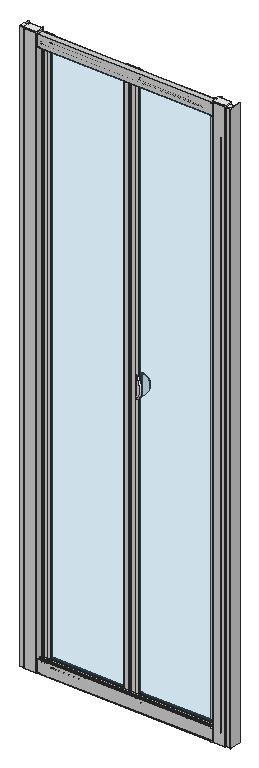
Revit family "TOPK", category Plumbing Fixtures, Revit 2015 (continued)
Automatic sketch dimensions
  Revolve 20 sketch curve to Revolve 20 sketch curve = 0 mm  (x3)
  Revolve 21 sketch curve to plane 5 = 6.98 mm
  Revolve 21 sketch curve to plane 5 = 5.536 mm
  Revolve 21 sketch curve to plane 5 = 1.5 mm
  plane 5 to Revolve 21 sketch curve = 37.973 mm
  Revolve 21 sketch curve to plane 1 "Center (Front/Back)" = 29.201 mm
  Revolve 21 sketch curve to plane 1 "Center (Front/Back)" = 29.663 mm
  Revolve 21 sketch curve to Revolve 21 sketch curve = 5.653 mm
  Revolve 21 sketch curve to Revolve 21 sketch curve = 1.019 mm
  Revolve 21 sketch curve to Revolve 21 sketch curve = 0 mm  (x3)
  Revolve 22 sketch curve to plane 5 = 6.98 mm
  Revolve 22 sketch curve to plane 5 = 5.536 mm
  Revolve 22 sketch curve to plane 5 = 1.5 mm
  plane 5 to Revolve 22 sketch curve = 37.973 mm
  Revolve 22 sketch curve to plane 1 "Center (Front/Back)" = 29.201 mm
  Revolve 22 sketch curve to plane 1 "Center (Front/Back)" = 29.663 mm
  Revolve 22 sketch curve to Revolve 22 sketch curve = 5.653 mm
  Revolve 22 sketch curve to Revolve 22 sketch curve = 1.019 mm
  Revolve 22 sketch curve to Revolve 22 sketch curve = 0 mm  (x3)
  plane 3 "Center (Left/Right)" to Revolve 23 sketch curve = 6.98 mm
  plane 3 "Center (Left/Right)" to Revolve 23 sketch curve = 5.536 mm
  plane 3 "Center (Left/Right)" to Revolve 23 sketch curve = 1.5 mm
  Revolve 23 sketch curve to plane 3 "Center (Left/Right)" = 37.973 mm
  Revolve 23 sketch curve to plane 1 "Center (Front/Back)" = 36.335 mm
  Revolve 23 sketch curve to Revolve 23 sketch curve = 1.019 mm
  Revolve 23 sketch curve to Revolve 23 sketch curve = 6.672 mm
  Revolve 23 sketch curve to plane 1 "Center (Front/Back)" = 29.201 mm
  Revolve 23 sketch curve to Revolve 23 sketch curve = 0 mm  (x3)
  plane 3 "Center (Left/Right)" to Revolve 24 sketch curve = 6.98 mm
  plane 3 "Center (Left/Right)" to Revolve 24 sketch curve = 5.536 mm
  plane 3 "Center (Left/Right)" to Revolve 24 sketch curve = 1.5 mm
  Revolve 24 sketch curve to plane 3 "Center (Left/Right)" = 37.973 mm
  Revolve 24 sketch curve to plane 1 "Center (Front/Back)" = 36.335 mm
  Revolve 24 sketch curve to Revolve 24 sketch curve = 1.019 mm
  Revolve 24 sketch curve to Revolve 24 sketch curve = 6.672 mm
  Revolve 24 sketch curve to plane 1 "Center (Front/Back)" = 29.201 mm
  Revolve 24 sketch curve to Revolve 24 sketch curve = 0 mm  (x3)
  plane 3 "Center (Left/Right)" to Revolve 25 sketch curve = 6.98 mm
  plane 3 "Center (Left/Right)" to Revolve 25 sketch curve = 5.536 mm
  plane 3 "Center (Left/Right)" to Revolve 25 sketch curve = 1.5 mm
  Revolve 25 sketch curve to plane 3 "Center (Left/Right)" = 37.973 mm
  Revolve 25 sketch curve to plane 1 "Center (Front/Back)" = 36.335 mm
  Revolve 25 sketch curve to Revolve 25 sketch curve = 1.019 mm
  Revolve 25 sketch curve to Revolve 25 sketch curve = 6.672 mm
  Revolve 25 sketch curve to plane 1 "Center (Front/Back)" = 29.201 mm
  Revolve 25 sketch curve to Revolve 25 sketch curve = 0 mm  (x3)
  Extrusion 26 sketch curve to plane 3 "Center (Left/Right)" = 0 mm
  plane 3 "Center (Left/Right)" to Extrusion 26 sketch curve = 1.5 mm  (x2)
  Extrusion 26 sketch curve to plane 1 "Center (Front/Back)" = 3.3 mm
  Extrusion 26 sketch curve to Extrusion 26 sketch curve = 15 mm
  Extrusion 27 sketch curve to plane 5 = 0 mm
  plane 5 to Extrusion 27 sketch curve = 1.5 mm
  Extrusion 27 sketch curve to Extrusion 27 sketch curve = 1.5 mm
  plane 1 "Center (Front/Back)" to Extrusion 27 sketch curve = 3.3 mm
  Extrusion 27 sketch curve to Extrusion 27 sketch curve = 15 mm
  plane 5 to Sweep 28 sketch curve = 58.6 mm
  plane 1 "Center (Front/Back)" to Sweep 28 sketch curve = 34.243 mm
  Sweep 28 sketch curve to plane 3 "Center (Left/Right)" = 58.6 mm
  profile plane to Sweep 28 sketch curve = 19.343 mm
  Sweep 28 sketch curve to Sweep 28 sketch curve = 0.5 mm  (x4)
  Sweep 28 sketch curve to Sweep 28 sketch curve = 0 mm
  Sweep 28 sketch curve to Sweep 28 sketch curve = 1.319 mm
  Sweep 28 sketch curve to Sweep 28 sketch curve = 1.329 mm
  Sweep 28 sketch curve to Sweep 28 sketch curve = 0.571 mm  (x2)
  Sweep 28 sketch curve to Sweep 28 sketch curve = 0.581 mm
  Sweep 28 sketch curve to Sweep 28 sketch curve = 0.568 mm
  Sweep 28 sketch curve to Sweep 28 sketch curve = 0.592 mm
  Sweep 28 sketch curve to Sweep 28 sketch curve = 2.008 mm
  Sweep 28 sketch curve to Sweep 28 sketch curve = 2.032 mm
  Sweep 28 sketch curve to Sweep 28 sketch curve = 0.643 mm
  level to Sweep 28 sketch curve = 31.7 mm
  Sweep 28 sketch curve to Sweep 28 sketch curve = 0.658 mm
  Sweep 28 sketch curve to Sweep 28 sketch curve = 1.475 mm
  Sweep 28 sketch curve to Sweep 28 sketch curve = 1.019 mm
  Sweep 28 sketch curve to Sweep 28 sketch curve = 2 mm
  Sweep 28 sketch curve to Sweep 28 sketch curve = 0.668 mm
  Sweep 28 sketch curve to Sweep 28 sketch curve = 1.6 mm
  Sweep 28 sketch curve to Sweep 28 sketch curve = 1.711 mm
  Sweep 29 sketch curve to plane 1 "Center (Front/Back)" = 7.843 mm
  Sweep 29 sketch curve to plane 5 = 83.197 mm
  plane 7 to Sweep 29 sketch curve = 5.399 mm
  Sweep 29 sketch curve to profile plane = 13.2 mm
  Sweep 29 sketch curve to Sweep 29 sketch curve = 0.643 mm  (x2)
  Sweep 29 sketch curve to Sweep 29 sketch curve = 2.008 mm
  Sweep 29 sketch curve to Sweep 29 sketch curve = 2.032 mm
  Sweep 29 sketch curve to Sweep 29 sketch curve = 0.568 mm  (x2)
  Sweep 29 sketch curve to Sweep 29 sketch curve = 0.592 mm
  Sweep 29 sketch curve to Sweep 29 sketch curve = 0.571 mm
  Sweep 29 sketch curve to Sweep 29 sketch curve = 0.581 mm
  Sweep 29 sketch curve to Sweep 29 sketch curve = 1.319 mm  (x2)
  Sweep 29 sketch curve to Sweep 29 sketch curve = 0 mm
  Sweep 29 sketch curve to Sweep 29 sketch curve = 0.5 mm  (x3)
  level to Sweep 29 sketch curve = 31.7 mm
  Sweep 29 sketch curve to Sweep 29 sketch curve = 0.658 mm
  Sweep 29 sketch curve to Sweep 29 sketch curve = 1.475 mm
  Sweep 29 sketch curve to Sweep 29 sketch curve = 1.019 mm
  Sweep 29 sketch curve to Sweep 29 sketch curve = 2 mm
  Sweep 29 sketch curve to Sweep 29 sketch curve = 0.668 mm
  Sweep 29 sketch curve to Sweep 29 sketch curve = 1.6 mm
  Sweep 29 sketch curve to Sweep 29 sketch curve = 1.711 mm
  Sweep 30 sketch curve to plane 1 "Center (Front/Back)" = 34.243 mm
  plane 3 "Center (Left/Right)" to Sweep 30 sketch curve = 82.797 mm
  Sweep 30 sketch curve to plane 6 = 24.697 mm
  Sweep 30 sketch curve to profile plane = 7.057 mm
  Sweep 30 sketch curve to Sweep 30 sketch curve = 0.5 mm  (x4)
  Sweep 30 sketch curve to Sweep 30 sketch curve = 0 mm
  Sweep 30 sketch curve to Sweep 30 sketch curve = 1.319 mm
  Sweep 30 sketch curve to Sweep 30 sketch curve = 1.329 mm
  Sweep 30 sketch curve to Sweep 30 sketch curve = 0.571 mm  (x2)
  Sweep 30 sketch curve to Sweep 30 sketch curve = 0.581 mm
  Sweep 30 sketch curve to Sweep 30 sketch curve = 0.568 mm
  Sweep 30 sketch curve to Sweep 30 sketch curve = 0.592 mm
  Sweep 30 sketch curve to Sweep 30 sketch curve = 2.008 mm
  Sweep 30 sketch curve to Sweep 30 sketch curve = 2.032 mm
  Sweep 30 sketch curve to Sweep 30 sketch curve = 0.643 mm
  level to Sweep 30 sketch curve = 31.7 mm
  Sweep 30 sketch curve to Sweep 30 sketch curve = 0.658 mm
  Sweep 30 sketch curve to Sweep 30 sketch curve = 1.475 mm
  Sweep 30 sketch curve to Sweep 30 sketch curve = 1.019 mm
  Sweep 30 sketch curve to Sweep 30 sketch curve = 2 mm
  Sweep 30 sketch curve to Sweep 30 sketch curve = 0.668 mm
  Sweep 30 sketch curve to Sweep 30 sketch curve = 1.6 mm
  Sweep 30 sketch curve to Sweep 30 sketch curve = 1.711 mm
  Sweep 31 sketch curve to plane 1 "Center (Front/Back)" = 34.243 mm
  Sweep 31 sketch curve to plane 5 = 83.197 mm
  plane 7 to Sweep 31 sketch curve = 5.399 mm
  Sweep 31 sketch curve to profile plane = 0 mm
  profile plane to Sweep 31 sketch curve = 1 mm
  Sweep 31 sketch curve to Sweep 31 sketch curve = 0.001 mm  (x2)
  profile plane to Sweep 31 sketch curve = 1.7 mm
  Sweep 31 sketch curve to Sweep 31 sketch curve = 4 mm
  Sweep 31 sketch curve to Sweep 31 sketch curve = 5.354 mm
  Sweep 31 sketch curve to Sweep 31 sketch curve = 0.045 mm
  Sweep 31 sketch curve to Sweep 31 sketch curve = 0.457 mm
  Sweep 31 sketch curve to Sweep 31 sketch curve = 1 mm
  Sweep 31 sketch curve to Sweep 31 sketch curve = 1.2 mm  (x6)
  Sweep 31 sketch curve to profile plane = 40.858 mm
  Sweep 31 sketch curve to Sweep 31 sketch curve = 0 mm
  Sweep 31 sketch curve to Sweep 31 sketch curve = 1.208 mm
  Sweep 31 sketch curve to Sweep 31 sketch curve = 7.158 mm
  Sweep 31 sketch curve to Sweep 31 sketch curve = 0.05 mm
  Sweep 31 sketch curve to Sweep 31 sketch curve = 1.25 mm
  Sweep 31 sketch curve to Sweep 31 sketch curve = 1.65 mm
  Sweep 31 sketch curve to profile plane = 11.745 mm
  Sweep 32 sketch curve to plane 1 "Center (Front/Back)" = 34.243 mm
  Sweep 32 sketch curve to plane 5 = 58.6 mm
  plane 3 "Center (Left/Right)" to Sweep 32 sketch curve = 58.6 mm
  profile plane to Sweep 32 sketch curve = 19.343 mm
  Sweep 32 sketch curve to Sweep 32 sketch curve = 0.5 mm  (x4)
  Sweep 32 sketch curve to Sweep 32 sketch curve = 0 mm
  Sweep 32 sketch curve to Sweep 32 sketch curve = 1.319 mm
  Sweep 32 sketch curve to Sweep 32 sketch curve = 1.329 mm
  Sweep 32 sketch curve to Sweep 32 sketch curve = 0.571 mm  (x2)
  Sweep 32 sketch curve to Sweep 32 sketch curve = 0.581 mm
  Sweep 32 sketch curve to Sweep 32 sketch curve = 0.568 mm
  Sweep 32 sketch curve to Sweep 32 sketch curve = 0.592 mm
  Sweep 32 sketch curve to Sweep 32 sketch curve = 2.008 mm
  Sweep 32 sketch curve to Sweep 32 sketch curve = 2.032 mm
  Sweep 32 sketch curve to Sweep 32 sketch curve = 0.643 mm
  Sweep 32 sketch curve to profile plane = 40.4 mm
  Sweep 32 sketch curve to Sweep 32 sketch curve = 0.682 mm
  Sweep 32 sketch curve to Sweep 32 sketch curve = 1.612 mm
  Sweep 32 sketch curve to Sweep 32 sketch curve = 1.711 mm
  Sweep 32 sketch curve to Sweep 32 sketch curve = 2 mm
  Sweep 32 sketch curve to Sweep 32 sketch curve = 0.794 mm
  Sweep 32 sketch curve to Sweep 32 sketch curve = 1.6 mm
  Sweep 32 sketch curve to Sweep 32 sketch curve = 1.677 mm
  Sweep 33 sketch curve to plane 1 "Center (Front/Back)" = 7.843 mm
  Sweep 33 sketch curve to plane 5 = 83.197 mm
  plane 7 to Sweep 33 sketch curve = 5.399 mm
  Sweep 33 sketch curve to profile plane = 13.2 mm
  Sweep 33 sketch curve to Sweep 33 sketch curve = 0.643 mm  (x2)
  Sweep 33 sketch curve to Sweep 33 sketch curve = 2.008 mm
  Sweep 33 sketch curve to Sweep 33 sketch curve = 2.032 mm
  Sweep 33 sketch curve to Sweep 33 sketch curve = 0.568 mm  (x2)
  Sweep 33 sketch curve to Sweep 33 sketch curve = 0.592 mm
  Sweep 33 sketch curve to Sweep 33 sketch curve = 0.571 mm
  Sweep 33 sketch curve to Sweep 33 sketch curve = 0.581 mm
  Sweep 33 sketch curve to Sweep 33 sketch curve = 1.319 mm  (x2)
  Sweep 33 sketch curve to Sweep 33 sketch curve = 0 mm
  Sweep 33 sketch curve to Sweep 33 sketch curve = 0.5 mm  (x3)
  Sweep 33 sketch curve to profile plane = 40.4 mm
  Sweep 33 sketch curve to Sweep 33 sketch curve = 0.682 mm
  Sweep 33 sketch curve to Sweep 33 sketch curve = 1.612 mm
  Sweep 33 sketch curve to Sweep 33 sketch curve = 1.711 mm
  Sweep 33 sketch curve to Sweep 33 sketch curve = 2 mm
  Sweep 33 sketch curve to Sweep 33 sketch curve = 0.794 mm
  Sweep 33 sketch curve to Sweep 33 sketch curve = 1.6 mm
  Sweep 33 sketch curve to Sweep 33 sketch curve = 1.677 mm
  Sweep 34 sketch curve to plane 1 "Center (Front/Back)" = 34.243 mm
  plane 3 "Center (Left/Right)" to Sweep 34 sketch curve = 82.797 mm
  Sweep 34 sketch curve to plane 6 = 24.697 mm
  Sweep 34 sketch curve to profile plane = 0 mm
  Sweep 34 sketch curve to profile plane = 1 mm
  Sweep 34 sketch curve to Sweep 34 sketch curve = 0.001 mm  (x2)
  Sweep 34 sketch curve to profile plane = 1.7 mm
  Sweep 34 sketch curve to Sweep 34 sketch curve = 4 mm
  Sweep 34 sketch curve to Sweep 34 sketch curve = 5.354 mm
  Sweep 34 sketch curve to Sweep 34 sketch curve = 0.7 mm
  Sweep 34 sketch curve to Sweep 34 sketch curve = 0.457 mm
  Sweep 34 sketch curve to Sweep 34 sketch curve = 1 mm
  Sweep 34 sketch curve to Sweep 34 sketch curve = 1.2 mm  (x5)
  Sweep 34 sketch curve to Sweep 34 sketch curve = 1.857 mm
  Sweep 34 sketch curve to profile plane = 40.858 mm
  Sweep 34 sketch curve to Sweep 34 sketch curve = 0 mm
  Sweep 34 sketch curve to Sweep 34 sketch curve = 1.208 mm
  Sweep 34 sketch curve to Sweep 34 sketch curve = 7.158 mm
  Sweep 34 sketch curve to Sweep 34 sketch curve = 0.05 mm
  Sweep 34 sketch curve to Sweep 34 sketch curve = 1.25 mm
  Sweep 34 sketch curve to Sweep 34 sketch curve = 1.65 mm
  Sweep 34 sketch curve to profile plane = 11.745 mm
  Sweep 35 sketch curve to plane 1 "Center (Front/Back)" = 7.843 mm
  plane 3 "Center (Left/Right)" to Sweep 35 sketch curve = 82.797 mm
  Sweep 35 sketch curve to plane 6 = 24.697 mm
  profile plane to Sweep 35 sketch curve = 19.343 mm
  Sweep 35 sketch curve to Sweep 35 sketch curve = 0.5 mm  (x4)
  Sweep 35 sketch curve to Sweep 35 sketch curve = 0 mm
  Sweep 35 sketch curve to Sweep 35 sketch curve = 1.319 mm
  Sweep 35 sketch curve to Sweep 35 sketch curve = 1.329 mm
  Sweep 35 sketch curve to Sweep 35 sketch curve = 0.571 mm  (x2)
  Sweep 35 sketch curve to Sweep 35 sketch curve = 0.581 mm
  Sweep 35 sketch curve to Sweep 35 sketch curve = 0.568 mm
  Sweep 35 sketch curve to Sweep 35 sketch curve = 0.592 mm
  Sweep 35 sketch curve to Sweep 35 sketch curve = 2.008 mm
  Sweep 35 sketch curve to Sweep 35 sketch curve = 2.032 mm
  Sweep 35 sketch curve to Sweep 35 sketch curve = 0.643 mm
  Sweep 35 sketch curve to profile plane = 40.4 mm
  Sweep 35 sketch curve to Sweep 35 sketch curve = 0.682 mm
  Sweep 35 sketch curve to Sweep 35 sketch curve = 1.612 mm
  Sweep 35 sketch curve to Sweep 35 sketch curve = 1.711 mm
  Sweep 35 sketch curve to Sweep 35 sketch curve = 2 mm
  Sweep 35 sketch curve to Sweep 35 sketch curve = 0.794 mm
  Sweep 35 sketch curve to Sweep 35 sketch curve = 1.6 mm
  Sweep 35 sketch curve to Sweep 35 sketch curve = 1.677 mm
  Sweep 1 sketch curve to profile plane = 0 mm
  profile plane to Sweep 1 sketch curve = 0.945 mm
  Sweep 1 sketch curve to profile plane = 2.6 mm
  profile plane to Sweep 1 sketch curve = 34.958 mm
  Sweep 1 sketch curve to Sweep 1 sketch curve = 0 mm
  Sweep 1 sketch curve to Sweep 1 sketch curve = 1.5 mm
  Sweep 1 sketch curve to profile plane = 0.04 mm
  Sweep 1 sketch curve to Sweep 1 sketch curve = 1.46 mm
  Sweep 1 sketch curve to Sweep 1 sketch curve = 15 mm
  Sweep 1 sketch curve to Sweep 1 sketch curve = 17.298 mm
  Sweep 8 sketch curve to profile plane = 0 mm
  profile plane to Sweep 8 sketch curve = 0.04 mm
  Sweep 8 sketch curve to Sweep 8 sketch curve = 1.46 mm
  Sweep 8 sketch curve to Sweep 8 sketch curve = 0.945 mm
  Sweep 8 sketch curve to profile plane = 2.6 mm
  Sweep 8 sketch curve to profile plane = 34.958 mm
  Sweep 8 sketch curve to Sweep 8 sketch curve = 0 mm
  Sweep 8 sketch curve to Sweep 8 sketch curve = 1.5 mm
  Sweep 8 sketch curve to Sweep 8 sketch curve = 15 mm
  Sweep 8 sketch curve to Sweep 8 sketch curve = 17.298 mm
  Sweep 16 sketch curve to profile plane = 6.654 mm
  Sweep 16 sketch curve to Sweep 16 sketch curve = 2.143 mm
  Sweep 16 sketch curve to Sweep 16 sketch curve = 5.6 mm
  level to Sweep 16 sketch curve = 1.322 mm
  Sweep 16 sketch curve to Sweep 16 sketch curve = 0.484 mm
  Sweep 16 sketch curve to Sweep 16 sketch curve = 1.93 mm
  Sweep 16 sketch curve to Sweep 16 sketch curve = 0.423 mm
  Sweep 16 sketch curve to Sweep 16 sketch curve = 0.794 mm
  Sweep 16 sketch curve to Sweep 16 sketch curve = 0.3 mm
  Sweep 16 sketch curve to Sweep 16 sketch curve = 0.437 mm
  Sweep 17 sketch curve to profile plane = 6.654 mm
  Sweep 17 sketch curve to profile plane = 7.657 mm
  Sweep 17 sketch curve to Sweep 17 sketch curve = 1.403 mm
  Sweep 17 sketch curve to Sweep 17 sketch curve = 5.6 mm
  Sweep 17 sketch curve to Sweep 17 sketch curve = 0.484 mm
  Sweep 17 sketch curve to Sweep 17 sketch curve = 0.577 mm
  Sweep 17 sketch curve to Sweep 17 sketch curve = 2.206 mm
  Sweep 17 sketch curve to Sweep 17 sketch curve = 0.437 mm
  Sweep 17 sketch curve to Sweep 17 sketch curve = 1.93 mm
Nested families
  nested 1: "Handle" at (370.098, 22.036, -737.86), type "Handle"
Definition of nested family "Handle"
  Parameters (values of type "Handle")
    Aluminum = none
  Reference planes
    plane 1 "Center (Front/Back)": y = 0
    plane 2: z = 0
    plane 3 "Center (Left/Right)": x = 0
    plane 4: y = 7.999
  Forms (mm)
    Extrusion 1, solid, material <- "Aluminum"
      sketch origin (-0.009, 15.992, 1655.16) x (0, 0, 1) y (0.866025, 0.5, 0)
        loop
          line (67.5, 0.01) -> (67.5, 8.957)
          arc (67.5, 8.957) -> (35, 27.926) -> (2.5, 8.957) r 37.325
          line (2.5, 8.957) -> (2.5, 0.01) -> (67.5, 0.01)
      from 0 to -3.721
    Extrusion 2, solid, material <- "Aluminum"
      sketch origin (4.558, 7.801, 1725.16) x (-0.034899, -0.999391, 0) y (0.999391, -0.034899, 0)
        loop
          line (-1.953, 1.591) -> (-2.393, 6.618)
          arc (-2.393, 6.618) -> (-5.199, 5.658) -> (-7.739, 4.126) r 13.943
          arc (-7.739, 4.126) -> (-8.455, -0.267) -> (-7.739, -4.659) r 13.822
          arc (-7.739, -4.659) -> (-5.717, -0.727) -> (-1.953, 1.591) r 8.23
      from -67.5 to -2.5
    Extrusion 3, void
      sketch origin (7.748, 20.47, 1722.66) x (0.5, -0.866025, 0) y (-0.866025, -0.5, 0)
        loop
          line (3.721, 6.81) -> (3.721, 8.946) -> (0.345, 8.946)
          arc (0.345, 8.946) -> (1.901, 7.67) -> (3.721, 6.81) r 8.23
      from 0 to 89.847
    Extrusion 4, solid, material <- "Aluminum"
      sketch origin (-0.009, 0.005, 1655.16) x (0, 0, 1) y (-0.866025, 0.5, 0)
        loop
          line (67.5, -0.01) -> (2.5, -0.01) -> (2.5, -8.957)
          arc (2.5, -8.957) -> (35, -27.926) -> (67.5, -8.957) r 37.325
          line (67.5, -8.957) -> (67.5, -0.01)
      from 0 to -3.721
    Extrusion 5, solid, material <- "Aluminum"
      sketch origin (4.558, 8.196, 1725.16) x (-0.034899, 0.999391, 0) y (-0.999391, -0.034899, 0)
        loop
          arc (-1.953, -1.591) -> (-5.717, 0.727) -> (-7.739, 4.659) r 8.23
          arc (-7.739, 4.659) -> (-8.455, 0.267) -> (-7.739, -4.126) r 13.822
          arc (-7.739, -4.126) -> (-5.199, -5.658) -> (-2.393, -6.618) r 13.943
          line (-2.393, -6.618) -> (-1.953, -1.591)
      from -67.5 to -2.5
    Extrusion 6, void
      sketch origin (7.748, 20.47, 1722.66) x (0.5, -0.866025, 0) y (-0.866025, -0.5, 0)
        loop
          arc (13.843, 12.654) -> (14.008, 14.66) -> (13.681, 16.646) r 8.23
          line (13.681, 16.646) -> (11.993, 13.722) -> (13.843, 12.654)
      from 0 to 78.527
  Cuts and joins
    Extrusion 3 cuts Extrusion 1
    Extrusion 3 cuts Extrusion 2
    joined: Extrusion 1, Extrusion 2
    Extrusion 6 cuts Extrusion 4
    Extrusion 6 cuts Extrusion 5
  Dimensions and locks
    aligned and locked: level to plane 2
Types (5, lengths in mm): name | A
  700 | 700
  1000 | 1000
  800 | 800
  750 | 750
  900 | 900
